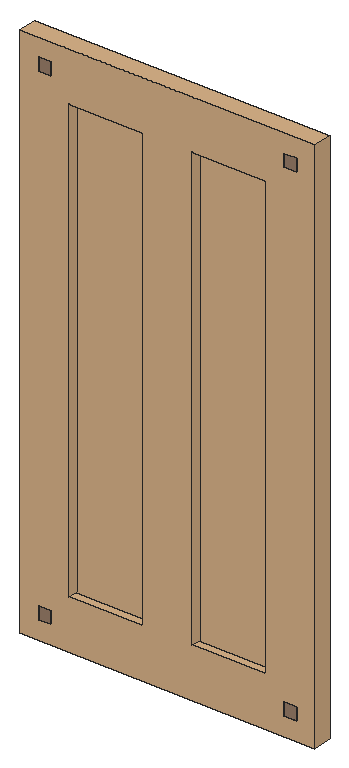
Revit family "CabDoor_Shaker_2", category Casework, Revit 2026
Family settings
  Classification Number = 23.40.35.11.11
  Work Plane-Based = No
  Always vertical = Yes
  Cut with Voids When Loaded = No
  Shared = No
  Room Calculation Point = No
Parameters
  Warranty Duration (Years) = 10
  Test Data = ""
  Specification = "http://www.arcat.com/divs/sec/sec12350.shtml"
  Sales Information = ""
  Product Properties = "http://www.arcat.com/bim/bim_info.pl?fn=CabDoor_Shaker_2"
  Product Data = "http://www.arcat.com/divs/sec/sec12350.shtml"
  Panel Material = ARCAT - Wood - Cherry_Brazillian
  Model = "Generic"  # constant formula
  Manufacturer Website = "http://www.arcat.com/"
  Manufacturer Phone - Toll Free = ""
  Manufacturer Phone = "(203) 929-9444"  # constant formula
  Manufacturer Fax = "(203) 929-2444"  # constant formula
  Manufacturer Email = "bim@arcat.com"  # constant formula
  Manufacturer Address = "1077 Bridgeport Ave, Shelton, CT  06484"  # constant formula
  Manufacturer = "Generic"  # constant formula
  Maintenance Schedule (Months) = 24
  Keynote = "12350"
  Installation-Fabrication = ""
  Installation Phase = ""
  Green Building-LEED = "http://www.arcat.com/green/green_building.shtml"
  Frame Width = 0' - 2"
  Frame Material = ARCAT - Wood - Cherry_Brazillian
  Expected Lifespan (Years) = 30
  Drawn By = "Robert S. Weygant, CSI, CDT, SCIP"  # constant formula
  Description = "Shaker Style Cabinet Door with Vertical Stile"
  Depth = 0' - 0 3/4"
  Height = 1' - 10"
  Width = 1' - 0"
  Default Elevation = 0' - 0"
  Corner Tenon Placement = (Frame Width / 2) - 0' 0 1/4"  # 0' - 0 3/4"
  Corner Tenon Material = ARCAT - Wood - Walnut_Black
  Copyright = "2008, ARCAT, Inc."  # constant formula
  Construction Details = "http://www.arcat.com/divs/sec/sec12350.shtml"
  Building Codes = ""
  Assembly Code = "C1030410"
Reference planes (in)
  plane 1 "Back": y = 0
  plane 2: z = 0
  plane 3 "Center (Left/Right)": x = 2.58547
  plane 4 "Left": x = -3.41453
  plane 5 "Right": x = 8.58547
  plane 6 "Front": y = -0.75
  plane 7 "Top": z = 22
  plane 8: x = -1.41453
  plane 9: z = 2
  plane 10: x = 6.58547
  plane 11: z = 20
  plane 12 "PanelFace": y = -0.375
  plane 13: z = 11
Forms (in)
  Sweep 1, solid, material "ARCAT - Wood - Cherry_Brazillian" <- "Frame Material"
    path origin (0, -0.75, 0) x (1, 0, 0) y (0, 0, 1)
      loop
        line (-3.41453, 0) -> (8.58547, 0) -> (8.58547, 22) -> (-3.41453, 22) -> (-3.41453, 0)
    profile origin (-3.41453, -0.75, 11) x (-1, 0, 0) y (0, -1, 0)
      loop
        line (0, -0.75) -> (0, 0) -> (-2, 0) -> (-2, -0.75) -> (0, -0.75)
  Extrusion 2, void
    sketch origin (0, -0.75, 0) x (1, 0, 0) y (0, 0, 1)
      loop
        line (-2.66453, 21.25) -> (-2.66453, 20.75) -> (-2.16453, 20.75) -> (-2.16453, 21.25) -> (-2.66453, 21.25)
      loop
        line (-2.66453, 1.25) -> (-2.66453, 0.75) -> (-2.16453, 0.75) -> (-2.16453, 1.25) -> (-2.66453, 1.25)
      loop
        line (7.33547, 21.25) -> (7.33547, 20.75) -> (7.83547, 20.75) -> (7.83547, 21.25) -> (7.33547, 21.25)
      loop
        line (7.33547, 1.25) -> (7.33547, 0.75) -> (7.83547, 0.75) -> (7.83547, 1.25) -> (7.33547, 1.25)
    from 0 to -0.75
  Extrusion 3, solid, material "ARCAT - Wood - Walnut_Black" <- "Corner Tenon Material"
    sketch origin (0, -0.75, 0) x (1, 0, 0) y (0, 0, 1)
      loop
        line (-2.16453, 21.25) -> (-2.66453, 21.25) -> (-2.66453, 20.75) -> (-2.16453, 20.75) -> (-2.16453, 21.25)
      loop
        line (7.83547, 21.25) -> (7.33547, 21.25) -> (7.33547, 20.75) -> (7.83547, 20.75) -> (7.83547, 21.25)
      loop
        line (7.83547, 1.25) -> (7.33547, 1.25) -> (7.33547, 0.75) -> (7.83547, 0.75) -> (7.83547, 1.25)
      loop
        line (-2.66453, 0.75) -> (-2.16453, 0.75) -> (-2.16453, 1.25) -> (-2.66453, 1.25) -> (-2.66453, 0.75)
    from 0 to -0.75
  Extrusion 4, solid, material "ARCAT - Wood - Cherry_Brazillian" <- "Panel Material"
    sketch origin (0, -0.375, 0) x (-1, 0, 0) y (0, 0, 1)
      loop
        line (1.41453, 20) -> (-6.58547, 20) -> (-6.58547, 2) -> (1.41453, 2) -> (1.41453, 20)
    from 0 to 0.375
  Extrusion 5, solid, material "ARCAT - Wood - Cherry_Brazillian" <- "Frame Material"
    sketch origin (0, 0, 0) x (1, 0, 0) y (0, 1, 0)
      loop
        line (1.58547, -0.375) -> (1.58547, -0.75) -> (3.58547, -0.75) -> (3.58547, -0.375) -> (1.58547, -0.375)
    from 2 to 20
Cuts and joins
  Extrusion 2 cuts Sweep 1
  joined: Sweep 1, Extrusion 5
Dimensions and locks (in)
  "Depth": plane 6 "Front" to plane 1 "Back"
  "Width": plane 4 "Left" to plane 5 "Right"
  equal spacing: plane 4 "Left", plane 3 "Center (Left/Right)", plane 5 "Right"
  "Height": level to plane 7 "Top"
  "Frame Width": plane 7 "Top" to plane 11
  "Frame Width": plane 9 to plane 2
  "Frame Width": plane 4 "Left" to plane 8
  "Frame Width": plane 5 "Right" to plane 10
  equal spacing: plane 6 "Front", plane 12 "PanelFace", plane 1 "Back"
  locked: Extrusion 2 sketch curve to Extrusion 2 sketch curve at 0.5  (x8)
  "Corner Tenon Placement": plane 4 "Left" to Extrusion 2 sketch curve  (x2)
  "Corner Tenon Placement": plane 7 "Top" to Extrusion 2 sketch curve  (x2)
  "Corner Tenon Placement": Extrusion 2 sketch curve to plane 2  (x2)
  "Corner Tenon Placement": Extrusion 2 sketch curve to plane 5 "Right"  (x2)
  equal spacing: plane 7 "Top", plane 13, plane 2
  equal spacing: Extrusion 5 sketch curve, plane 3 "Center (Left/Right)", Extrusion 5 sketch curve
  "Frame Width": Extrusion 5 sketch curve to Extrusion 5 sketch curve
  aligned and locked: Sweep 1 sketch curve to plane 4 "Left"
  aligned and locked: Sweep 1 sketch curve to plane 7 "Top"
  aligned and locked: Sweep 1 sketch curve to plane 5 "Right"
  aligned and locked: Sweep 1 sketch curve to plane 2
  aligned and locked: profile plane to Sweep 1 sketch curve  (x2)
  aligned and locked: plane 1 "Back" to Sweep 1 sketch curve
  aligned and locked: Sweep 1 sketch curve to plane 8
  aligned and locked: Extrusion 2 to plane 1 "Back"
  aligned and locked: cut or joined group of Sweep 1, Extrusion 2, Extrusion 5 to plane 6 "Front"
  aligned and locked: Extrusion 3 sketch curve to cut or joined group of Sweep 1, Extrusion 2, Extrusion 5  (x16)
  aligned and locked: Extrusion 3 to plane 1 "Back"
  aligned and locked: plane 6 "Front" to Extrusion 3
  aligned and locked: Extrusion 4 to plane 1 "Back"
  aligned and locked: Extrusion 4 to plane 12 "PanelFace"
  aligned and locked: Extrusion 4 sketch curve to cut or joined group of Sweep 1, Extrusion 2, Extrusion 5  (x4)
  aligned and locked: Extrusion 5 to plane 9
  aligned and locked: plane 11 to Extrusion 5
  aligned and locked: plane 6 "Front" to Extrusion 5
  aligned and locked: plane 12 "PanelFace" to Extrusion 5
Automatic sketch dimensions
  Extrusion 5 sketch curve to plane 6 "Front" = 0' - 0"
  Extrusion 5 sketch curve to plane 12 "PanelFace" = 0' - 0"
